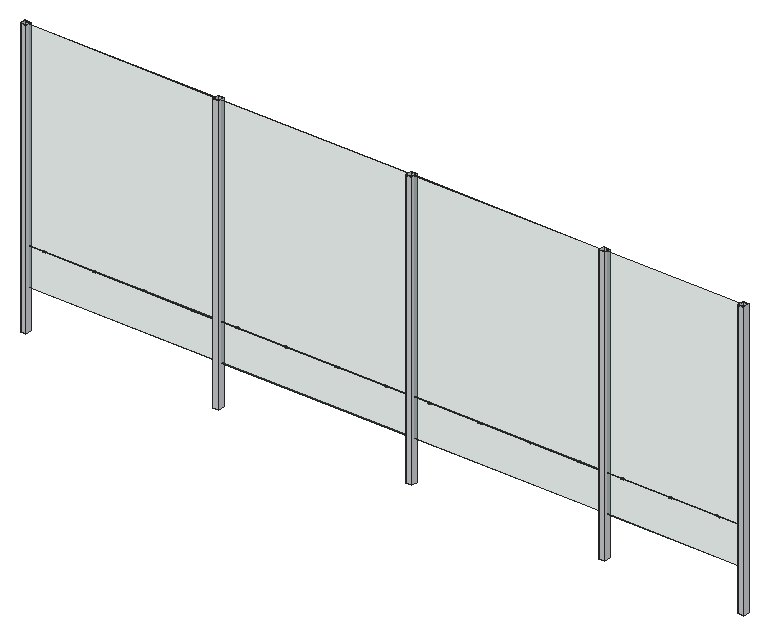
Revit family "Ограждение_Составное_Панель_2D_2500", category Специальное оборудование, Revit 2019 (continued)
Definition of nested family "В_Столб"
  Parameters (values of type "Столб")
    ADSK_Материал = none
    ADSK_Масса [instance] = size_lookup(Таблица, "ADSK_Масса", 0, ADSK_Размер_Высота, ADSK_Размер_Ширина, ADSK_Размер_Глубина, ADSK_Размер_Толщина стенки, Выбор типа крепления)  # 14.5
    ADSK_Комплект [instance] = "Ограждение"
    ADSK_Код изделия [instance] = size_lookup(Таблица, "ADSK_Код изделия", "Код столба не найден, проверьте параметры", ADSK_Размер_Высота, ADSK_Размер_Ширина, ADSK_Размер_Глубина, ADSK_Размер_Толщина стенки, Выбор типа крепления, Под насадку число)  # "23187N"
    ADSK_Завод-изготовитель = "FENSYS"  # constant formula
    ADSK_Единица измерения = "шт."  # constant formula
  Reference planes
    plane 1 "По центру (Вперед/Назад)": y = 0
    plane 2: z = 0
    plane 3 "По центру (Влево/Вправо)": x = 0
    plane 4: z = 5000
    plane 5: x = -20
    plane 6: x = 20
    plane 7: y = 30
    plane 8: y = -30
    plane 9: z = -500
    plane 10: z = 5000
  Forms (mm)
    Extrusion 1, solid
      sketch origin (0, 0, 0) x (1, 0, 0) y (0, 1, 0)
        loop
          line (-20, 30) -> (-20, -30) -> (20, -30) -> (20, 30) -> (-20, 30)
        loop
          line (-18, 28) -> (-18, -28) -> (18, -28) -> (18, 28) -> (-18, 28)
      from -500 to 5000
  Dimensions and locks
    equal spacing: plane 5, plane 3 "По центру (Влево/Вправо)", plane 6
    "ADSK_Размер_Ширина": plane 5 to plane 6
    "ADSK_Размер_Глубина": plane 8 to plane 7
    equal spacing: plane 8, plane 1 "По центру (Вперед/Назад)", plane 7
    "ADSK_Размер_Толщина стенки": Extrusion 1 sketch curve to plane 6
    "ADSK_Размер_Толщина стенки": plane 8 to Extrusion 1 sketch curve
    "ADSK_Размер_Толщина стенки": plane 7 to Extrusion 1 sketch curve
    "ADSK_Размер_Толщина стенки": plane 5 to Extrusion 1 sketch curve
    plane 4 to plane 2 = 5000 mm
    "Длина под бетонирование": level to plane 9
    nested 2 to plane 2 = 104.903 mm
    equal spacing: group 1, group 3, group 4, group 5, group 2  (x3)
    locked: plane 10 to nested 3 at 35
    "Высота забора": level to plane 10
    aligned and locked: level to plane 2
    aligned and locked: plane 4 to Extrusion 1
    aligned and locked: plane 6 to Extrusion 1
    aligned and locked: plane 5 to Extrusion 1
    aligned and locked: plane 8 to Extrusion 1
    aligned and locked: plane 7 to Extrusion 1
    aligned and locked: plane 3 "По центру (Влево/Вправо)" to nested 1
    aligned and locked: plane 1 "По центру (Вперед/Назад)" to nested 1
    aligned and locked: Extrusion 1 to plane 9
    aligned and locked: plane 3 "По центру (Влево/Вправо)" to nested 2
    aligned and locked: plane 3 "По центру (Влево/Вправо)" to nested 4
    aligned and locked: nested 10 to plane 1 "По центру (Вперед/Назад)"
    aligned and locked: plane 4 to plane 10
  Automatic sketch dimensions
    Extrusion 1 sketch curve to plane 5 = 0 mm
    Extrusion 1 sketch curve to plane 6 = 0 mm
    plane 8 to Extrusion 1 sketch curve = 0 mm
    Extrusion 1 sketch curve to plane 7 = 0 mm
  Nested families
    nested 1: "В_Винтовая опора" at (0, 0, 0), Ширина столба <- "ADSK_Размер_Ширина", Глубина столба <- "ADSK_Размер_Глубина", Диаметр сваи <- "Диаметр сваи", visible <- "С фланцем под в.о.", Высота сваи <- "Высота сваи", ADSK_Комплект <- "ADSK_Комплект", type "Свая"
      with Ширина столба 40 mm, Путь к таблице "Опора имя", Диаметр сваи 56 mm, Глубина столба 60 mm, Высота сваи 1000 mm, ADSK_Наименование "Свая не найдена, проверьте параметры", ADSK_Масса 0, ADSK_Комплект "Ограждение", ADSK_Завод-изготовитель "FENSYS", ADSK_Единица измерения "шт."
    nested 2: "В_Крепеж" at (0, 0, 104.903), Тип крепежа <- "Ограничитель крепежа", ADSK_Комплект <- "ADSK_Комплект", type "Крепеж"
      with Ширина столба 0 mm, Тип крепежа 1, Путь к таблице "Таблица крепежей", Видимость метизов yes, Y насадка no, ADSK_Обозначение "Крепеж", ADSK_Наименование "Скоба F24", ADSK_Комплект "Ограждение", ADSK_Количество 1, ADSK_Код изделия "15512K"
    nested 3: "В_Крепеж" at (0, 0, 4965), Тип крепежа <- "Ограничитель крепежа", ADSK_Комплект <- "ADSK_Комплект", type "Крепеж"
      with Ширина столба 0 mm, Тип крепежа 1, Путь к таблице "Таблица крепежей", Видимость метизов yes, Y насадка no, ADSK_Обозначение "Крепеж", ADSK_Наименование "Скоба F24", ADSK_Комплект "Ограждение", ADSK_Количество 1, ADSK_Код изделия "15512K"
    nested 4: "В_Крепеж" at (0, 0, 1319.928), Тип крепежа <- "Ограничитель крепежа", ADSK_Комплект <- "ADSK_Комплект", type "Крепеж"
      with Ширина столба 0 mm, Тип крепежа 1, Путь к таблице "Таблица крепежей", Видимость метизов yes, Y насадка no, ADSK_Обозначение "Крепеж", ADSK_Наименование "Скоба F24", ADSK_Комплект "Ограждение", ADSK_Количество 1, ADSK_Код изделия "15512K"
    nested 5: "В_Крепеж" at (0, 0, 2534.952), Тип крепежа <- "Ограничитель крепежа", ADSK_Комплект <- "ADSK_Комплект", type "Крепеж"
      with Ширина столба 0 mm, Тип крепежа 1, Путь к таблице "Таблица крепежей", Видимость метизов yes, Y насадка no, ADSK_Обозначение "Крепеж", ADSK_Наименование "Скоба F24", ADSK_Комплект "Ограждение", ADSK_Количество 1, ADSK_Код изделия "15512K"
    nested 6: "В_Метизы" at (20, 0, 2534.952), type "Метизы"
      with Тип крепежа 1, Путь к таблице "Таблица метизов", ADSK_Наименование "Комплект метизов «В» для крепления скобы F24 (Винт М6х30 ISO 7380 А2 - 4 шт., Шайба D6 DIN 125 А2 - 4 шт.,Шайба 6 DIN 127 А2 - 4 шт.)", ADSK_Комплект "Ограждение", ADSK_Количество 1, ADSK_Код изделия "8932"
    nested 7: "В_Метизы" at (20, 0, 104.903), type "Метизы"
      with Тип крепежа 1, Путь к таблице "Таблица метизов", ADSK_Наименование "Комплект метизов «В» для крепления скобы F24 (Винт М6х30 ISO 7380 А2 - 4 шт., Шайба D6 DIN 125 А2 - 4 шт.,Шайба 6 DIN 127 А2 - 4 шт.)", ADSK_Комплект "Ограждение", ADSK_Количество 1, ADSK_Код изделия "8932"
    nested 8: "В_Метизы" at (20, 0, 4965), type "Метизы"
      with Тип крепежа 1, Путь к таблице "Таблица метизов", ADSK_Наименование "Комплект метизов «В» для крепления скобы F24 (Винт М6х30 ISO 7380 А2 - 4 шт., Шайба D6 DIN 125 А2 - 4 шт.,Шайба 6 DIN 127 А2 - 4 шт.)", ADSK_Комплект "Ограждение", ADSK_Количество 1, ADSK_Код изделия "8932"
    nested 9: "В_Метизы" at (20, 0, 1319.928), type "Метизы"
      with Тип крепежа 1, Путь к таблице "Таблица метизов", ADSK_Наименование "Комплект метизов «В» для крепления скобы F24 (Винт М6х30 ISO 7380 А2 - 4 шт., Шайба D6 DIN 125 А2 - 4 шт.,Шайба 6 DIN 127 А2 - 4 шт.)", ADSK_Комплект "Ограждение", ADSK_Количество 1, ADSK_Код изделия "8932"
    nested 10: "Типовая аннотация" at (0, 0, 0) x (0, 1, 0) z (0, 0, 1), visible <- "Условное обозначение", type "Типовая аннотация"
      with Ширина 8 mm, Высота 8 mm
    nested 11: "В_Крепеж" at (0, 0, 3749.976), Тип крепежа <- "Ограничитель крепежа", ADSK_Комплект <- "ADSK_Комплект", type "Крепеж"
      with Ширина столба 0 mm, Тип крепежа 1, Путь к таблице "Таблица крепежей", Видимость метизов yes, Y насадка no, ADSK_Обозначение "Крепеж", ADSK_Наименование "Скоба F24", ADSK_Комплект "Ограждение", ADSK_Количество 1, ADSK_Код изделия "15512K"
    nested 12: "В_Метизы" at (20, 0, 3749.976), type "Метизы"
      with Тип крепежа 1, Путь к таблице "Таблица метизов", ADSK_Наименование "Комплект метизов «В» для крепления скобы F24 (Винт М6х30 ISO 7380 А2 - 4 шт., Шайба D6 DIN 125 А2 - 4 шт.,Шайба 6 DIN 127 А2 - 4 шт.)", ADSK_Комплект "Ограждение", ADSK_Количество 1, ADSK_Код изделия "8932"
  Definition of nested family "В_Винтовая опора"
    Parameters (values of type "Свая")
      Ширина столба [instance] = 60 mm
      Путь к таблице [instance] = "Опора имя"  # constant formula
      Диаметр сваи [instance] = 57 mm
      Глубина столба [instance] = 60 mm
      Высота сваи [instance] = 1000 mm
      URL = "https://www.fensys.ru/produkciya/zabivnye-svai_1.html"
      ADSK_Наименование [instance] = size_lookup(Путь к таблице, "", "Свая не найдена, проверьте параметры", Высота сваи, Диаметр сваи, Ширина столба, Глубина столба)  # "Винтовая опора 57х1000 фланец под столб 60х60"
      ADSK_Масса [instance] = size_lookup(Путь к таблице, "ADSK_Масса", 0, Высота сваи, Диаметр сваи, Ширина столба, Глубина столба)  # 5.5
      ADSK_Комплект [instance] = "Ограждение"
      ADSK_Завод-изготовитель [instance] = "FENSYS"  # constant formula
      ADSK_Единица измерения [instance] = "шт."  # constant formula
    Reference planes
      plane 1 "По центру (Вперед/Назад)": y = 0
      plane 2: z = 0
      plane 3 "По центру (Влево/Вправо)": x = 0
      plane 4 "Низ сваи": z = -1000
    Forms (mm)
      Blend 1, solid
        base sketch origin (0, 0, 0) x (1, 0, 0) y (0, 1, 0)
          loop
            circle (0, 0) r 20
        top sketch origin (0, 0, 0) x (1, 0, 0) y (0, 1, 0)
          loop
            circle (0, 0) r 57
        from -1000 to 0
    Dimensions and locks
      "Высота сваи": level to plane 4 "Низ сваи"
      "Диаметр сваи": radius of Blend 1 sketch curve
      aligned and locked: level to plane 2
      aligned and locked: level to Blend 1
      aligned and locked: Blend 1 to level
      aligned and locked: Blend 1 to plane 4 "Низ сваи"
    Automatic sketch dimensions
      plane 1 "По центру (Вперед/Назад)" to Blend 1 sketch curve = 0 mm  (x2)
      Blend 1 sketch curve to plane 3 "По центру (Влево/Вправо)" = 0 mm  (x2)
      radius of Blend 1 sketch curve = 20 mm
  Definition of nested family "В_Крепеж"
    Parameters (values of type "Крепеж")
      Ширина столба [instance] = 0 mm
      Тип крепежа [instance] = 5
      Путь к таблице [instance] = "Таблица крепежей"  # constant formula
      Manufacturer = [ADSK_Завод-изготовитель]  # "FENSYS"
      Model = "Насадки"
      Видимость метизов [instance] = not(Тип крепежа = 5)  # no
      Y насадка [instance] = yes
      URL = "https://www.fensys.ru/produkciya/krepyozh.html"
      ADSK_Обозначение [instance] = "Крепеж"  # constant formula
      ADSK_Наименование [instance] = size_lookup(Путь к таблице, "", "Не найдено", Тип крепежа)  # "Комплект крепления СББ/ПББ к насадке (Болт М6х25 DIN 933 оц - 4 шт., Зажим для крепления струны/проволоки - 4 шт., Шайба D6 DIN 125 оц. - 8 шт.,  Гайка М6 кл.8.0 DIN 934 оц. - 4 шт.)"
      ADSK_Комплект [instance] = ""
      ADSK_Количество [instance] = 1  # constant formula
      ADSK_Код изделия [instance] = size_lookup(Путь к таблице, "ADSK_Код изделия", "Не найдено", Тип крепежа)  # "8927"
      ADSK_Завод-изготовитель = "FENSYS"  # constant formula
      ADSK_Единица измерения = "шт."  # constant formula
    Reference planes
      plane 1 "По центру (Вперед/Назад)": y = 0
      plane 2: z = 0
      plane 3 "По центру (Влево/Вправо)": x = 0
      plane 4: z = 0
    Forms (mm)
      Extrusion 1, solid
        sketch origin (0, -3, 0) x (1, 0, 0) y (0, 1, 0)
          loop
            line (-20, 5.5) -> (-20, 0.5) -> (20, 0.5) -> (20, 5.5) -> (-20, 5.5)
        from -4.311 to 4.311
    Dimensions and locks
      locked: Extrusion 1 sketch curve to Extrusion 1 sketch curve at 5
      locked: Extrusion 1 sketch curve to Extrusion 1 sketch curve at 40
      aligned and locked: level to plane 2
    Nested families
      nested 1: "В_Метизы" at (20, 0, 0), Тип крепежа <- "Тип крепежа", ADSK_Комплект <- "ADSK_Комплект", visible <- "Видимость метизов", type "Метизы"
        with Тип крепежа 5, Путь к таблице "Таблица метизов", ADSK_Наименование "Комплект крепления СББ/ПББ к насадке (Болт М6х25 DIN 933 оц - 4 шт., Зажим для крепления струны/проволоки - 4 шт., Шайба D6 DIN 125 оц. - 8 шт.,  Гайка М6 кл.8.0 DIN 934 оц. - 4 шт.)", ADSK_Комплект "", ADSK_Количество 1, ADSK_Код изделия "8927"
      nested 2: "В_Метизы" at (-20, 0, 0), visible <- "Y насадка", Тип крепежа <- "Тип крепежа", ADSK_Комплект <- "ADSK_Комплект", type "Метизы"
        with Тип крепежа 5, Путь к таблице "Таблица метизов", ADSK_Наименование "Комплект крепления СББ/ПББ к насадке (Болт М6х25 DIN 933 оц - 4 шт., Зажим для крепления струны/проволоки - 4 шт., Шайба D6 DIN 125 оц. - 8 шт.,  Гайка М6 кл.8.0 DIN 934 оц. - 4 шт.)", ADSK_Комплект "", ADSK_Количество 1, ADSK_Код изделия "8927"
    Definition of nested family "В_Метизы"
      Parameters (values of type "Метизы")
        Тип крепежа [instance] = 1
        Путь к таблице [instance] = "Таблица метизов"  # constant formula
        Manufacturer = [ADSK_Завод-изготовитель]  # "FENSYS"
        URL = "https://www.fensys.ru/produkciya/krepyozh.html"
        ADSK_Наименование [instance] = size_lookup(Путь к таблице, "", "Не найдено", Тип крепежа)  # "Комплект метизов «В» для крепления скобы F24 (Винт М6х30 ISO 7380 А2 - 4 шт., Шайба D6 DIN 125 А2 - 4 шт.,Шайба 6 DIN 127 А2 - 4 шт.)"
        ADSK_Комплект [instance] = "Ограждение"
        ADSK_Количество [instance] = 1  # constant formula
        ADSK_Код изделия [instance] = size_lookup(Путь к таблице, "ADSK_Код изделия", "Не найдено", Тип крепежа)  # "8932"
        ADSK_Завод-изготовитель = "FENSYS"  # constant formula
        ADSK_Единица измерения = "шт."  # constant formula
      Reference planes
        plane 1 "По центру (Вперед/Назад)": y = 0
        plane 2: z = 0
        plane 3 "По центру (Влево/Вправо)": x = 0
        plane 4: z = 0
      Lines and regions (mm)
        reference lines
          curve 1: circle (0, 0, 0) r 0.299 normal (0, -1, 0)
        model lines
          curve 2: circle (0, 0, 0) r 0.3 normal (0, -1, 0)
      Dimensions and locks
        aligned and locked: level to plane 2
  Definition of nested family "В_Метизы"
    Parameters (values of type "Метизы")
      Тип крепежа [instance] = 1
      Путь к таблице [instance] = "Таблица метизов"  # constant formula
      Manufacturer = [ADSK_Завод-изготовитель]  # "FENSYS"
      URL = "https://www.fensys.ru/produkciya/krepyozh.html"
      ADSK_Наименование [instance] = size_lookup(Путь к таблице, "", "Не найдено", Тип крепежа)  # "Комплект метизов «В» для крепления скобы F24 (Винт М6х30 ISO 7380 А2 - 4 шт., Шайба D6 DIN 125 А2 - 4 шт.,Шайба 6 DIN 127 А2 - 4 шт.)"
      ADSK_Комплект [instance] = "Ограждение"
      ADSK_Количество [instance] = 1  # constant formula
      ADSK_Код изделия [instance] = size_lookup(Путь к таблице, "ADSK_Код изделия", "Не найдено", Тип крепежа)  # "8932"
      ADSK_Завод-изготовитель = "FENSYS"  # constant formula
      ADSK_Единица измерения = "шт."  # constant formula
    Reference planes
      plane 1 "По центру (Вперед/Назад)": y = 0
      plane 2: z = 0
      plane 3 "По центру (Влево/Вправо)": x = 0
      plane 4: z = 0
    Lines and regions (mm)
      reference lines
        curve 1: circle (0, 0, 0) r 0.299 normal (0, -1, 0)
      model lines
        curve 2: circle (0, 0, 0) r 0.3 normal (0, -1, 0)
    Dimensions and locks
      aligned and locked: level to plane 2
  Definition of nested family "Типовая аннотация"
    Parameters (values of type "Типовая аннотация")
      Ширина [instance] = 10 mm
      Высота [instance] = 10 mm
    Reference planes
      plane 1: y = 0
      plane 2: x = 0
    Lines and regions (mm)
      detail lines
        curve 1: line (-5, 5, 0) -> (5, 5, 0)
        curve 2: line (-5, -5, 0) -> (-5, 5, 0)
        curve 3: line (5, -5, 0) -> (-5, -5, 0)
        curve 4: line (5, 5, 0) -> (5, -5, 0)
      reference lines
        curve 5: line (-5, 0, 0) -> (5, 0, 0)
        curve 6: line (0, -5, 0) -> (0, 5, 0)
        curve 7: line (5, -5, 0) -> (5, 5, 0)
        curve 8: line (-5, -5, 0) -> (-5, 5, 0)
        curve 9: line (5, 5, 0) -> (-5, 5, 0)
        curve 10: line (5, -5, 0) -> (-5, -5, 0)
    Dimensions and locks
      "Высота": curve 9 to curve 10
      "Ширина": curve 8 to curve 7
      equal spacing: curve 10, plane 1, curve 9
      equal spacing: curve 8, curve 6, curve 7
      aligned and locked: plane 1 to curve 5
      aligned and locked: plane 2 to curve 6
      aligned and locked: curve 8 to curve 2
      aligned and locked: curve 1 to curve 9
      aligned and locked: curve 4 to curve 7
      aligned and locked: curve 3 to curve 10
Definition of nested family "В_Панель_2D"
  Parameters (values of type "Панель")
    Толщина панели = 8 mm
    Тип крепежа [instance] = 0
    Таблица массы = "Панель_масса_2Д"  # constant formula
    Расчетная длина [instance] = ADSK_Размер_Ширина + Отступ панели * 2  # 3100 mm
    Размер ячейки [instance] = 2
    Размер прутка [instance] = 0
    Таблица поиска = "Панель_имя_2Д"  # constant formula
    Отступ панели от основания [instance] = 100 mm
    Отступ панели [instance] = 50 mm
    Manufacturer = [ADSK_Завод-изготовитель]  # "FENSYS"
    URL = "https://www.fensys.ru/produkciya/3d-zabory.html"
    ADSK_Размер_Ширина [instance] = 3000 mm
    ADSK_Размер_Высота [instance] = 1030 mm
    ADSK_Примечание [instance] = ""
    ADSK_Обозначение [instance] = if(Размер ячейки = 1, "GUARD-G", if(Размер ячейки = 2, "GUARD-T", "GUARD"))  # "GUARD-T"
    ADSK_Наименование [instance] = size_lookup(Таблица поиска, "", "Панель под подрезку", ADSK_Размер_Ширина, ADSK_Размер_Высота, Размер ячейки, Размер прутка)  # "Панель серии 2D: HxW (высота х ширина) 1030x3000 мм, пруток D=5/5/5 мм, ячейка = 50х150"
    ADSK_Материал = none
    ADSK_Масса [instance] = size_lookup(Таблица массы, "ADSK_Масса", 0, ADSK_Размер_Ширина, ADSK_Размер_Высота, Размер ячейки, Размер прутка)  # 15.8
    ADSK_Комплект [instance] = "Ограждение"
    ADSK_Код изделия [instance] = size_lookup(Таблица поиска, "ADSK_Код изделия", " ", ADSK_Размер_Ширина, ADSK_Размер_Высота, Размер ячейки, Размер прутка)  # "21829"
    ADSK_Завод-изготовитель = "FENSYS"  # constant formula
    ADSK_Единица измерения = "шт."  # constant formula
  Reference planes
    plane 1 "По центру (Вперед/Назад)": y = 0
    plane 2 "Низ панели": z = 0
    plane 3 "По центру (Влево/Вправо)": x = 0
    plane 4: x = 3050
    plane 5: x = 50
    plane 6: x = 3100
    plane 7: z = 100
    plane 8: y = -4
    plane 9: y = 4
    plane 10: z = 1130
  Forms (mm)
    Extrusion 1, solid, material <- "ADSK_Материал"
      sketch origin (0, 0, 0) x (1, 0, 0) y (0, 1, 0)
        loop
          line (50, 4) -> (50, -4) -> (3050, -4) -> (3050, 4) -> (50, 4)
      from 100 to 1130
  Dimensions and locks
    "ADSK_Размер_Ширина": plane 5 to plane 4
    "Отступ панели": plane 4 to plane 6
    "Отступ панели": plane 3 "По центру (Влево/Вправо)" to plane 5
    "Расчетная длина": plane 3 "По центру (Влево/Вправо)" to plane 6
    "Отступ панели от основания": plane 7 to level
    equal spacing: plane 8, plane 1 "По центру (Вперед/Назад)", plane 9
    "Толщина панели": plane 9 to plane 8
    "ADSK_Размер_Высота": plane 10 to plane 7
    aligned and locked: level to plane 2 "Низ панели"
    aligned and locked: Extrusion 1 sketch curve to plane 4
    aligned and locked: plane 5 to Extrusion 1 sketch curve
    aligned and locked: Extrusion 1 to plane 7
    aligned and locked: Extrusion 1 to plane 9
    aligned and locked: plane 8 to Extrusion 1
    aligned and locked: Extrusion 1 to plane 10
    aligned and locked: plane 7 to Extrusion 1
  Automatic sketch dimensions
    plane 8 to Extrusion 1 sketch curve = 0 mm
    plane 9 to Extrusion 1 sketch curve = 0 mm
Definition of nested family "В_Крепеж"
  Parameters (values of type "Крепеж")
    Ширина столба [instance] = 0 mm
    Тип крепежа [instance] = 5
    Путь к таблице [instance] = "Таблица крепежей"  # constant formula
    Manufacturer = [ADSK_Завод-изготовитель]  # "FENSYS"
    Model = "Насадки"
    Видимость метизов [instance] = not(Тип крепежа = 5)  # no
    Y насадка [instance] = yes
    URL = "https://www.fensys.ru/produkciya/krepyozh.html"
    ADSK_Обозначение [instance] = "Крепеж"  # constant formula
    ADSK_Наименование [instance] = size_lookup(Путь к таблице, "", "Не найдено", Тип крепежа)  # "Комплект крепления СББ/ПББ к насадке (Болт М6х25 DIN 933 оц - 4 шт., Зажим для крепления струны/проволоки - 4 шт., Шайба D6 DIN 125 оц. - 8 шт.,  Гайка М6 кл.8.0 DIN 934 оц. - 4 шт.)"
    ADSK_Комплект [instance] = ""
    ADSK_Количество [instance] = 1  # constant formula
    ADSK_Код изделия [instance] = size_lookup(Путь к таблице, "ADSK_Код изделия", "Не найдено", Тип крепежа)  # "8927"
    ADSK_Завод-изготовитель = "FENSYS"  # constant formula
    ADSK_Единица измерения = "шт."  # constant formula
  Reference planes
    plane 1 "По центру (Вперед/Назад)": y = 0
    plane 2: z = 0
    plane 3 "По центру (Влево/Вправо)": x = 0
    plane 4: z = 0
  Forms (mm)
    Extrusion 1, solid
      sketch origin (0, -3, 0) x (1, 0, 0) y (0, 1, 0)
        loop
          line (-20, 5.5) -> (-20, 0.5) -> (20, 0.5) -> (20, 5.5) -> (-20, 5.5)
      from -4.311 to 4.311
  Dimensions and locks
    locked: Extrusion 1 sketch curve to Extrusion 1 sketch curve at 5
    locked: Extrusion 1 sketch curve to Extrusion 1 sketch curve at 40
    aligned and locked: level to plane 2
  Nested families
    nested 1: "В_Метизы" at (20, 0, 0), Тип крепежа <- "Тип крепежа", ADSK_Комплект <- "ADSK_Комплект", visible <- "Видимость метизов", type "Метизы"
      with Тип крепежа 5, Путь к таблице "Таблица метизов", ADSK_Наименование "Комплект крепления СББ/ПББ к насадке (Болт М6х25 DIN 933 оц - 4 шт., Зажим для крепления струны/проволоки - 4 шт., Шайба D6 DIN 125 оц. - 8 шт.,  Гайка М6 кл.8.0 DIN 934 оц. - 4 шт.)", ADSK_Комплект "", ADSK_Количество 1, ADSK_Код изделия "8927"
    nested 2: "В_Метизы" at (-20, 0, 0), visible <- "Y насадка", Тип крепежа <- "Тип крепежа", ADSK_Комплект <- "ADSK_Комплект", type "Метизы"
      with Тип крепежа 5, Путь к таблице "Таблица метизов", ADSK_Наименование "Комплект крепления СББ/ПББ к насадке (Болт М6х25 DIN 933 оц - 4 шт., Зажим для крепления струны/проволоки - 4 шт., Шайба D6 DIN 125 оц. - 8 шт.,  Гайка М6 кл.8.0 DIN 934 оц. - 4 шт.)", ADSK_Комплект "", ADSK_Количество 1, ADSK_Код изделия "8927"
  Definition of nested family "В_Метизы"
    Parameters (values of type "Метизы")
      Тип крепежа [instance] = 1
      Путь к таблице [instance] = "Таблица метизов"  # constant formula
      Manufacturer = [ADSK_Завод-изготовитель]  # "FENSYS"
      URL = "https://www.fensys.ru/produkciya/krepyozh.html"
      ADSK_Наименование [instance] = size_lookup(Путь к таблице, "", "Не найдено", Тип крепежа)  # "Комплект метизов «В» для крепления скобы F24 (Винт М6х30 ISO 7380 А2 - 4 шт., Шайба D6 DIN 125 А2 - 4 шт.,Шайба 6 DIN 127 А2 - 4 шт.)"
      ADSK_Комплект [instance] = "Ограждение"
      ADSK_Количество [instance] = 1  # constant formula
      ADSK_Код изделия [instance] = size_lookup(Путь к таблице, "ADSK_Код изделия", "Не найдено", Тип крепежа)  # "8932"
      ADSK_Завод-изготовитель = "FENSYS"  # constant formula
      ADSK_Единица измерения = "шт."  # constant formula
    Reference planes
      plane 1 "По центру (Вперед/Назад)": y = 0
      plane 2: z = 0
      plane 3 "По центру (Влево/Вправо)": x = 0
      plane 4: z = 0
    Lines and regions (mm)
      reference lines
        curve 1: circle (0, 0, 0) r 0.299 normal (0, -1, 0)
      model lines
        curve 2: circle (0, 0, 0) r 0.3 normal (0, -1, 0)
    Dimensions and locks
      aligned and locked: level to plane 2
Definition of nested family "В_Метизы"
  Parameters (values of type "Метизы")
    Тип крепежа [instance] = 1
    Путь к таблице [instance] = "Таблица метизов"  # constant formula
    Manufacturer = [ADSK_Завод-изготовитель]  # "FENSYS"
    URL = "https://www.fensys.ru/produkciya/krepyozh.html"
    ADSK_Наименование [instance] = size_lookup(Путь к таблице, "", "Не найдено", Тип крепежа)  # "Комплект метизов «В» для крепления скобы F24 (Винт М6х30 ISO 7380 А2 - 4 шт., Шайба D6 DIN 125 А2 - 4 шт.,Шайба 6 DIN 127 А2 - 4 шт.)"
    ADSK_Комплект [instance] = "Ограждение"
    ADSK_Количество [instance] = 1  # constant formula
    ADSK_Код изделия [instance] = size_lookup(Путь к таблице, "ADSK_Код изделия", "Не найдено", Тип крепежа)  # "8932"
    ADSK_Завод-изготовитель = "FENSYS"  # constant formula
    ADSK_Единица измерения = "шт."  # constant formula
  Reference planes
    plane 1 "По центру (Вперед/Назад)": y = 0
    plane 2: z = 0
    plane 3 "По центру (Влево/Вправо)": x = 0
    plane 4: z = 0
  Lines and regions (mm)
    reference lines
      curve 1: circle (0, 0, 0) r 0.299 normal (0, -1, 0)
    model lines
      curve 2: circle (0, 0, 0) r 0.3 normal (0, -1, 0)
  Dimensions and locks
    aligned and locked: level to plane 2
Definition of nested family "В_Крепеж_межпанельный"
  Parameters (values of type "В_Крепеж_межпанельный")
    Ширина столба [instance] = 100 mm
    Шаг столбов [instance] = 500 mm
    Тип крепежа [instance] = 1  # constant formula
    Ограничитель длины [instance] = if(not(Длина панели > 0 mm), 1 mm, Длина панели)  # 400 mm
    Длина панели [instance] = Шаг столбов - Ширина столба  # 400 mm
    Видимость одного крепежа [instance] = no
    Видимость массива [instance] = yes
    N межпанельно крепежа [instance] = if(not(Длина панели < 2500 mm), 4, if(and(Длина панели < 2500 mm, not(Длина панели < 1500 mm)), 3, 2))  # 2
    ADSK_Комплект [instance] = "Ограждение"
  Reference planes
    plane 1 "По центру (Вперед/Назад)": y = 0
    plane 2: z = 0
    plane 3 "По центру (Влево/Вправо)": x = 0
    plane 4: x = 200
    plane 5: x = -200
  Dimensions and locks
    "Ограничитель длины": plane 5 to plane 4
    equal spacing: plane 5, plane 3 "По центру (Влево/Вправо)", plane 4
    group 2 to group 1 = 100 mm
    group 1 to group 2 = 0 mm  (x2)
    locked: nested 3 to plane 4 at 250
    locked: plane 5 to nested 1 at 250
    aligned and locked: level to plane 2
    aligned and locked: plane 1 "По центру (Вперед/Назад)" to nested 1
    aligned and locked: plane 3 "По центру (Влево/Вправо)" to nested 5
    aligned and locked: plane 1 "По центру (Вперед/Назад)" to nested 5
  Nested families
    nested 1: "В_Крепеж" at (50, 0, 0), Тип крепежа <- "Тип крепежа", ADSK_Комплект <- "ADSK_Комплект", visible <- "Видимость массива", type "Крепеж"
      with Ширина столба 0 mm, Тип крепежа 1, Путь к таблице "Таблица крепежей", Видимость метизов yes, Y насадка no, ADSK_Обозначение "Крепеж", ADSK_Наименование "Скоба F24", ADSK_Комплект "Ограждение", ADSK_Количество 1, ADSK_Код изделия "15512K"
    nested 2: "В_Метизы" at (70, 0, 0), type "Метизы"
      with Тип крепежа 1, Путь к таблице "Таблица метизов", ADSK_Наименование "Комплект метизов «В» для крепления скобы F24 (Винт М6х30 ISO 7380 А2 - 4 шт., Шайба D6 DIN 125 А2 - 4 шт.,Шайба 6 DIN 127 А2 - 4 шт.)", ADSK_Комплект "Ограждение", ADSK_Количество 1, ADSK_Код изделия "8932"
    nested 3: "В_Крепеж" at (-50, 0, 0), Тип крепежа <- "Тип крепежа", ADSK_Комплект <- "ADSK_Комплект", visible <- "Видимость массива", type "Крепеж"
      with Ширина столба 0 mm, Тип крепежа 1, Путь к таблице "Таблица крепежей", Видимость метизов yes, Y насадка no, ADSK_Обозначение "Крепеж", ADSK_Наименование "Скоба F24", ADSK_Комплект "Ограждение", ADSK_Количество 1, ADSK_Код изделия "15512K"
    nested 4: "В_Метизы" at (-30, 0, 0), type "Метизы"
      with Тип крепежа 1, Путь к таблице "Таблица метизов", ADSK_Наименование "Комплект метизов «В» для крепления скобы F24 (Винт М6х30 ISO 7380 А2 - 4 шт., Шайба D6 DIN 125 А2 - 4 шт.,Шайба 6 DIN 127 А2 - 4 шт.)", ADSK_Комплект "Ограждение", ADSK_Количество 1, ADSK_Код изделия "8932"
    nested 5: "В_Крепеж" at (0, 0, 0), visible <- "Видимость одного крепежа", type "Крепеж"
      with Ширина столба 0 mm, Тип крепежа 1, Путь к таблице "Таблица крепежей", Видимость метизов yes, Y насадка yes, ADSK_Обозначение "Крепеж", ADSK_Наименование "Скоба F24", ADSK_Комплект "Ограждение", ADSK_Количество 1, ADSK_Код изделия "15512K"
    nested 6: "В_Метизы" at (20, 0, 0), type "Метизы"
      with Тип крепежа 1, Путь к таблице "Таблица метизов", ADSK_Наименование "Комплект метизов «В» для крепления скобы F24 (Винт М6х30 ISO 7380 А2 - 4 шт., Шайба D6 DIN 125 А2 - 4 шт.,Шайба 6 DIN 127 А2 - 4 шт.)", ADSK_Комплект "Ограждение", ADSK_Количество 1, ADSK_Код изделия "8932"
    nested 7: "В_Метизы" at (-20, 0, 0), type "Метизы"
      with Тип крепежа 1, Путь к таблице "Таблица метизов", ADSK_Наименование "Комплект метизов «В» для крепления скобы F24 (Винт М6х30 ISO 7380 А2 - 4 шт., Шайба D6 DIN 125 А2 - 4 шт.,Шайба 6 DIN 127 А2 - 4 шт.)", ADSK_Комплект "Ограждение", ADSK_Количество 1, ADSK_Код изделия "8932"
  Definition of nested family "В_Крепеж"
    Parameters (values of type "Крепеж")
      Ширина столба [instance] = 0 mm
      Тип крепежа [instance] = 5
      Путь к таблице [instance] = "Таблица крепежей"  # constant formula
      Manufacturer = [ADSK_Завод-изготовитель]  # "FENSYS"
      Model = "Насадки"
      Видимость метизов [instance] = not(Тип крепежа = 5)  # no
      Y насадка [instance] = yes
      URL = "https://www.fensys.ru/produkciya/krepyozh.html"
      ADSK_Обозначение [instance] = "Крепеж"  # constant formula
      ADSK_Наименование [instance] = size_lookup(Путь к таблице, "", "Не найдено", Тип крепежа)  # "Комплект крепления СББ/ПББ к насадке (Болт М6х25 DIN 933 оц - 4 шт., Зажим для крепления струны/проволоки - 4 шт., Шайба D6 DIN 125 оц. - 8 шт.,  Гайка М6 кл.8.0 DIN 934 оц. - 4 шт.)"
      ADSK_Комплект [instance] = ""
      ADSK_Количество [instance] = 1  # constant formula
      ADSK_Код изделия [instance] = size_lookup(Путь к таблице, "ADSK_Код изделия", "Не найдено", Тип крепежа)  # "8927"
      ADSK_Завод-изготовитель = "FENSYS"  # constant formula
      ADSK_Единица измерения = "шт."  # constant formula
    Reference planes
      plane 1 "По центру (Вперед/Назад)": y = 0
      plane 2: z = 0
      plane 3 "По центру (Влево/Вправо)": x = 0
      plane 4: z = 0
    Forms (mm)
      Extrusion 1, solid
        sketch origin (0, -3, 0) x (1, 0, 0) y (0, 1, 0)
          loop
            line (-20, 5.5) -> (-20, 0.5) -> (20, 0.5) -> (20, 5.5) -> (-20, 5.5)
        from -4.311 to 4.311
    Dimensions and locks
      locked: Extrusion 1 sketch curve to Extrusion 1 sketch curve at 5
      locked: Extrusion 1 sketch curve to Extrusion 1 sketch curve at 40
      aligned and locked: level to plane 2
    Nested families
      nested 1: "В_Метизы" at (20, 0, 0), Тип крепежа <- "Тип крепежа", ADSK_Комплект <- "ADSK_Комплект", visible <- "Видимость метизов", type "Метизы"
        with Тип крепежа 5, Путь к таблице "Таблица метизов", ADSK_Наименование "Комплект крепления СББ/ПББ к насадке (Болт М6х25 DIN 933 оц - 4 шт., Зажим для крепления струны/проволоки - 4 шт., Шайба D6 DIN 125 оц. - 8 шт.,  Гайка М6 кл.8.0 DIN 934 оц. - 4 шт.)", ADSK_Комплект "", ADSK_Количество 1, ADSK_Код изделия "8927"
      nested 2: "В_Метизы" at (-20, 0, 0), visible <- "Y насадка", Тип крепежа <- "Тип крепежа", ADSK_Комплект <- "ADSK_Комплект", type "Метизы"
        with Тип крепежа 5, Путь к таблице "Таблица метизов", ADSK_Наименование "Комплект крепления СББ/ПББ к насадке (Болт М6х25 DIN 933 оц - 4 шт., Зажим для крепления струны/проволоки - 4 шт., Шайба D6 DIN 125 оц. - 8 шт.,  Гайка М6 кл.8.0 DIN 934 оц. - 4 шт.)", ADSK_Комплект "", ADSK_Количество 1, ADSK_Код изделия "8927"
    Definition of nested family "В_Метизы"
      Parameters (values of type "Метизы")
        Тип крепежа [instance] = 1
        Путь к таблице [instance] = "Таблица метизов"  # constant formula
        Manufacturer = [ADSK_Завод-изготовитель]  # "FENSYS"
        URL = "https://www.fensys.ru/produkciya/krepyozh.html"
        ADSK_Наименование [instance] = size_lookup(Путь к таблице, "", "Не найдено", Тип крепежа)  # "Комплект метизов «В» для крепления скобы F24 (Винт М6х30 ISO 7380 А2 - 4 шт., Шайба D6 DIN 125 А2 - 4 шт.,Шайба 6 DIN 127 А2 - 4 шт.)"
        ADSK_Комплект [instance] = "Ограждение"
        ADSK_Количество [instance] = 1  # constant formula
        ADSK_Код изделия [instance] = size_lookup(Путь к таблице, "ADSK_Код изделия", "Не найдено", Тип крепежа)  # "8932"
        ADSK_Завод-изготовитель = "FENSYS"  # constant formula
        ADSK_Единица измерения = "шт."  # constant formula
      Reference planes
        plane 1 "По центру (Вперед/Назад)": y = 0
        plane 2: z = 0
        plane 3 "По центру (Влево/Вправо)": x = 0
        plane 4: z = 0
      Lines and regions (mm)
        reference lines
          curve 1: circle (0, 0, 0) r 0.299 normal (0, -1, 0)
        model lines
          curve 2: circle (0, 0, 0) r 0.3 normal (0, -1, 0)
      Dimensions and locks
        aligned and locked: level to plane 2
  Definition of nested family "В_Метизы"
    Parameters (values of type "Метизы")
      Тип крепежа [instance] = 1
      Путь к таблице [instance] = "Таблица метизов"  # constant formula
      Manufacturer = [ADSK_Завод-изготовитель]  # "FENSYS"
      URL = "https://www.fensys.ru/produkciya/krepyozh.html"
      ADSK_Наименование [instance] = size_lookup(Путь к таблице, "", "Не найдено", Тип крепежа)  # "Комплект метизов «В» для крепления скобы F24 (Винт М6х30 ISO 7380 А2 - 4 шт., Шайба D6 DIN 125 А2 - 4 шт.,Шайба 6 DIN 127 А2 - 4 шт.)"
      ADSK_Комплект [instance] = "Ограждение"
      ADSK_Количество [instance] = 1  # constant formula
      ADSK_Код изделия [instance] = size_lookup(Путь к таблице, "ADSK_Код изделия", "Не найдено", Тип крепежа)  # "8932"
      ADSK_Завод-изготовитель = "FENSYS"  # constant formula
      ADSK_Единица измерения = "шт."  # constant formula
    Reference planes
      plane 1 "По центру (Вперед/Назад)": y = 0
      plane 2: z = 0
      plane 3 "По центру (Влево/Вправо)": x = 0
      plane 4: z = 0
    Lines and regions (mm)
      reference lines
        curve 1: circle (0, 0, 0) r 0.299 normal (0, -1, 0)
      model lines
        curve 2: circle (0, 0, 0) r 0.3 normal (0, -1, 0)
    Dimensions and locks
      aligned and locked: level to plane 2
Types (10, lengths in mm): name | Ширина столба | Ширина резаной | Шаг столбов | Толщина стенки столба | С фланцем под В.О. | С фланцем | Шаг последнего столба | Пруток D=5/5/5мм | Пруток D=8/6/8мм | Под бетонирование | Отступ панели | Ограничитель высоты | Инструкция | built-in parameter 1001306 | Глубина столба | Высота столба | Расчет D прутка | Высота забора | Высота верхней панели | Выбор типа основания | Видимость массива соединителей последней панели | Видимость одного соединителя последней панели | N столбов в массиве | N панелей в массиве | N панелей | ADSK_Размер_Длина | ADSK_Наименование
  Панель 2500_Под винт_Столб 60х60 | 60 | 140 | 2560 | 2 | yes | no | 200 | no | yes | no | 30 | 3000 | "https://docs.google.com/document/d/1XoauSrwt7IGAhMdFAXwtCzeMTNeNAc0jOe2-wnaxtaw/edit#heading=h.gjdgxs" | 13000 | 60 | 3000 | 2 | 3000 | 2460 | 0 | no | no | 5 | 5 | 6 | 13000 | "Ограждение составное 2д - Панель 2500_Под винт_Столб 60х60"
  Панель 2500_Под бетон_Столб 80х80 | 80 | 520 | 2580 | 2 | no | no | 600 | no | yes | yes | 40 | 3000 | "https://docs.google.com/document/d/1XoauSrwt7IGAhMdFAXwtCzeMTNeNAc0jOe2-wnaxtaw/edit#heading=h.gjdgxs" | 13500 | 80 | 3000 | 2 | 3000 | 2460 | 1 | no | yes | 5 | 5 | 6 | 13500 | "Ограждение составное 2д - Панель 2500_Под бетон_Столб 80х80"
  Панель 2500_Под бетон_Столб 60х60 | 60 | 1040 | 2560 | 2 | no | no | 1100 | no | yes | yes | 30 | 3000 | "https://docs.google.com/document/d/1XoauSrwt7IGAhMdFAXwtCzeMTNeNAc0jOe2-wnaxtaw/edit#heading=h.gjdgxs" | 13900 | 60 | 3000 | 2 | 3000 | 2460 | 1 | yes | no | 5 | 5 | 6 | 13900 | "Ограждение составное 2д - Панель 2500_Под бетон_Столб 60х60"
  Панель 2500_Фланцевое крепление_Столб 80х80 | 80 | 1780 | 2580 | 2 | no | no | 1860 | no | yes | yes | 40 | 3200 | "https://docs.google.com/document/d/1XoauSrwt7IGAhMdFAXwtCzeMTNeNAc0jOe2-wnaxtaw/edit#heading=h.gjdgxs" | 9600 | 80 | 3200 | 2 | 3200 | 2660 | 1 | yes | no | 3 | 3 | 4 | 9600 | "Ограждение составное 2д - Панель 2500_Фланцевое крепление_Столб 80х80"
  Панель 2500_Фланцевое крепление_Столб 60х60 | 60 | 940 | 2560 | 2 | no | yes | 1000 | no | yes | no | 30 | 3000 | "https://docs.google.com/document/d/1XoauSrwt7IGAhMdFAXwtCzeMTNeNAc0jOe2-wnaxtaw/edit#heading=h.gjdgxs" | 8680 | 60 | 3000 | 2 | 3000 | 2460 | 2 | no | yes | 3 | 3 | 4 | 8680 | "Ограждение составное 2д - Панель 2500_Фланцевое крепление_Столб 60х60"
  Панель 2500_Под бетон_Столб 60х80 | 60 | 1700 | 2560 | 2 | no | no | 1760 | no | yes | yes | 30 | 3000 | "https://docs.google.com/document/d/1XoauSrwt7IGAhMdFAXwtCzeMTNeNAc0jOe2-wnaxtaw/edit#heading=h.gjdgxs" | 12000 | 80 | 3000 | 2 | 3000 | 2460 | 1 | yes | no | 4 | 4 | 5 | 12000 | "Ограждение составное 2д - Панель 2500_Под бетон_Столб 60х80"
  Панель 2500_Под винт_Столб 60х80 | 60 | 1700 | 2560 | 2 | yes | no | 1760 | no | yes | no | 30 | 3000 | "https://docs.google.com/document/d/1XoauSrwt7IGAhMdFAXwtCzeMTNeNAc0jOe2-wnaxtaw/edit#heading=h.gjdgxs" | 12000 | 80 | 3000 | 2 | 3000 | 2460 | 0 | yes | no | 4 | 4 | 5 | 12000 | "Ограждение составное 2д - Панель 2500_Под винт_Столб 60х80"
  Панель 2500_Фланцевое крепление_Столб 60х80 | 60 | 1700 | 2560 | 2 | no | yes | 1760 | no | yes | no | 30 | 3000 | "https://docs.google.com/document/d/1IZ23Kcrgo5doBSj0OS3zBY8vtm9TEmR93C9WKd7StHU/edit?usp=sharing" | 12000 | 80 | 3000 | 2 | 3000 | 2460 | 2 | yes | no | 4 | 4 | 5 | 12000 | "Ограждение составное 2д - Панель 2500_Фланцевое крепление_Столб 60х80"
  Панель 2500_Под винт_Столб 80х80 | 80 | 1600 | 2580 | 2 | yes | no | 1680 | no | yes | no | 40 | 3000 | "https://docs.google.com/document/d/1XoauSrwt7IGAhMdFAXwtCzeMTNeNAc0jOe2-wnaxtaw/edit#heading=h.gjdgxs" | 12000 | 80 | 3000 | 2 | 3000 | 2460 | 0 | yes | no | 4 | 4 | 5 | 12000 | "Ограждение составное 2д - Панель 2500_Под винт_Столб 80х80"
  Панель 2500_Под бетон_Столб 100х100 | 100 | 2000 | 2600 | 3 | no | no | 2100 | yes | no | yes | 50 | 3000 | "https://docs.google.com/document/d/1XoauSrwt7IGAhMdFAXwtCzeMTNeNAc0jOe2-wnaxtaw/edit#heading=h.gjdgxs" | 9900 | 100 | 3000 | 0 | 3000 | 2460 | 1 | yes | no | 3 | 3 | 4 | 9900 | "Ограждение составное 2д - Панель 2500_Под бетон_Столб 100х100"
